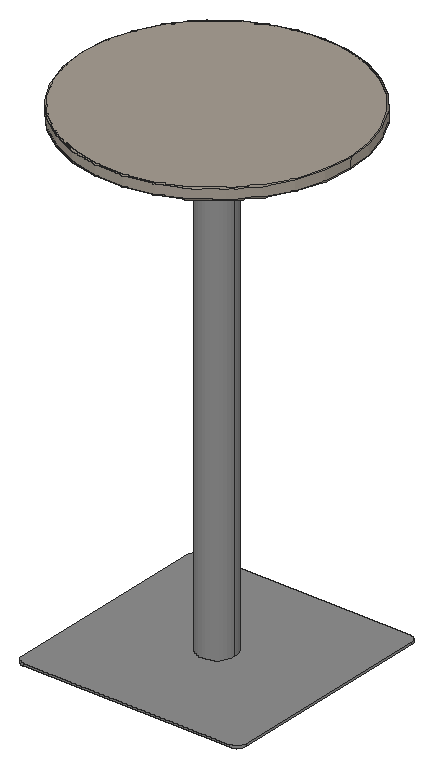
Revit family "BDG_BossDesign_Tbls_Reef_Poser1", category Furniture, Revit 2016
Family settings
  OmniClass Number = 23.40.20.00
  OmniClass Title = General Furniture and Specialties
  Work Plane-Based = No
  Always vertical = Yes
  Cut with Voids When Loaded = No
  Shared = Yes
  Room Calculation Point = No
Parameters (values of type "600mm dia MFC top, 500mm x 500mm base, poseur")
  WorksurfaceArea = 0.00 m²
  WarrantyStartDate [instance] = "1900-12-31T23:59:59"
  WarrantyGuarantorParts = "sales@bossdesign.com"
  WarrantyGuarantorLabor = "sales@bossdesign.com"
  WarrantyDurationUnit = "year"
  WarrantyDurationParts = "5"
  WarrantyDurationLabor = "5"
  WarrantyDescription = "Structural Warranty Excludes Foams and Fabrics"
  Version = "1"
  Uniclass2015Version = "Products v1.10"
  Uniclass2015Title = "Desks, tables and worktops"
  Uniclass2015Code = "Pr_40_50_21"
  Uniclass2 = "n/a"
  UndersideSupportOffset = 0 mm
  URL = "www.bossdesign.com"
  TopMaterial [instance] = BDG_Generic_Wood_Beech
  TagNumber [instance] = "n/a"
  SustainabilityPerformance = "n/a"
  Style = "n/a"
  SquareTop = no
  SquareBase = yes
  Size = "600 ø x 1100mm"
  Shape = "Circular"
  SerialNumber [instance] = "n/a"
  RightBaseOffsetforRectangleTop = 200 mm
  Revision = "n/a"
  ReplacementCost = "n/a"
  ProductInformation = "www.bossdesign.com/product-list/reef"
  NumberOfChairs = 0
  NominalWidth = 600 mm
  NominalLengthBaseSquare = 500 mm
  NominalLengthBaseCircle = 500 mm
  NominalLength = 600 mm
  NominalHeight = 1100 mm
  Name = "Tables_Reef_Poseur_BossDesign"
  NBSTypeID = "n/a"
  NBSReference = "45-35-86/327"
  NBSOfficeMasterTag = "n/a"
  NBSDescription = "Tables"
  ModelReference = "600mm dia MFC top, grey, black or white 500mm x 500mm base, poseur"
  ModelNumber = "RF600CS P"
  Model = ModelNumber  # "RF600CS P"
  Material = "n/a"
  ManufacturerURL = "www.bossdesign.com"
  ManufacturerName = "Boss Design"
  Manufacturer = "sales@bossdesign.com"
  MainColor = Color  # "n/a"
  LeftBaseOffsetforRectangleTop = 200 mm
  Keynote = Uniclass2015Code  # "Pr_40_50_21"
  Is2ndBase = no
  InstallationDate [instance] = "1900-12-31T23:59:59"
  IfcExportType = "TABLE"
  IfcExportAs = "IfcFurnishingElementType"
  Grade = "n/a"
  Gap = 100 mm
  FrameMaterial [instance] = BDG_Generic_PaintFinish_Grey
  Finish = "n/a"
  Features = "n/a"
  ExpectedLife = "5"
  DurationUnit = "year"
  LengthBetweenFeet = 400 mm
  Description = ModelReference  # "600mm dia MFC top, grey, black or white 500mm x 500mm base, poseur"
  Constituents = "n/a"
  Color = "n/a"
  CodePerformance = "n/a"
  CircularTop = yes
  CircularBase = no
  Category = "Pr_40_50_21 : Desks, tables and worktops"
  BarCode [instance] = "n/a"
  BIMObjectName = "BDG_BossDesign_Tables_Reef_Poseur"
  Author = "BIMBox"  # constant formula
  AssetType = "Movable"
  AssetIdentifier [instance] = "n/a"
  Assembly Code = "E2020200"
  AccessibilityPerformance = "n/a"
Types (14, lengths in mm): name | SquareTop | SquareBase | Size | Shape | RightBaseOffsetforRectangleTop | NominalWidth | NominalLengthBaseSquare | NominalLengthBaseCircle | NominalLength | ModelReference | ModelNumber | Model | LeftBaseOffsetforRectangleTop | Is2ndBase | Gap | LengthBetweenFeet | Description | CircularTop | CircularBase | BIMObjectName
  600mm x 600mm MFC top, 500mm x 500mm base, poseur | yes | yes | "600 x 600 x 1100mm" | "Square" | 200 | 600 | 500 | 500 | 600 | "600mm x 600mm MFC top, grey, black or white 500mm x 500mm base, poseur" | "RF600SS P" | "RF600SS P" | 200 | no | 100 | 400 | "600mm x 600mm MFC top, grey, black or white 500mm x 500mm base, poseur" | no | no | "BDG_BossDesign_Tables_Reef_Poseur"
  600mm dia MFC top, 600mm dia base, poseur | no | no | "600 ø x 1100mm" | "Circular" | 250 | 600 | 600 | 600 | 600 | "600mm dia MFC top, grey, black or white 600mm dia base, poseur" | "RF600CC P" | "RF600CC P" | 250 | no | 100 | 500 | "600mm dia MFC top, grey, black or white 600mm dia base, poseur" | yes | yes | "BDG_BossDesign_Tables_Reef_Poseur"
  1200mm x 800mm MFC top, 500mm x 500mm base, poseur | yes | yes | "1200 x 800 x 1100mm" | "Rectangular" | 500 | 800 | 500 | 500 | 1200 | "1200mm x 800mm MFC top, grey, black or white 500mm x 500mm base, poseur" | "RF1280 CSR P" | "RF1280 CSR P" | 500 | yes | 100 | 400.022 | "1200mm x 800mm MFC top, grey, black or white 500mm x 500mm base, poseur" | no | no | "BDG_BossDesign_Tables_Reef_Poseur"
  1200mm x 600mm MFC top, 500mm x 500mm base, poseur | yes | yes | "1200 x 600 x 1100mm" | "Rectangular" | 500 | 600 | 500 | 500 | 1200 | "1200mm x 600mm MFC top, grey, black or white 500mm x 500mm base, poseur" | "RF1200 CSR P" | "RF1200 CSR P" | 500 | yes | 100 | 400 | "1200mm x 600mm MFC top, grey, black or white 500mm x 500mm base, poseur" | no | no | "BDG_BossDesign_Tables_Reef_Poseur"
  1400mm x 700mm MFC top, 500mm x 500mm base, poseur | yes | yes | "1400 x 700 x 1100mm" | "Rectangular" | 500 | 700 | 500 | 500 | 1400 | "1400mm x 700mm MFC top, grey, black or white 500mm x 500mm base, poseur" | "RF1470 CSR P" | "RF1470 CSR P" | 500 | yes | 250 | 400.022 | "1400mm x 700mm MFC top, grey, black or white 500mm x 500mm base, poseur" | no | no | "BDG_BossDesign_Tables_Reef_Poseur\r\n\r\nBDG_BossDesign_Tables_Reef_Poseur"
  1400mm x 700mm MFC top, 600mm dia base, poseur | yes | no | "1400 x 700 x 1100mm" | "Rectangular" | 600 | 700 | 600 | 600 | 1400 | "1400mm x 700mm MFC top, grey, black or white 600mm dia base, poseur" | "RF1470 CCR P" | "RF1470 CCR P" | 600 | yes | 150 | 500 | "1400mm x 700mm MFC top, grey, black or white 600mm dia base, poseur" | no | yes | "BDG_BossDesign_Tables_Reef_Poseur"
  1600mm x 800mm MFC top, 500mm x 500mm base, poseur | yes | yes | "1600 x 800 x 1100mm" | "Rectangular" | 500 | 800 | 500 | 500 | 1600 | "1600mm x 800mm MFC top, grey, black or white 500mm x 500mm base, poseur" | "RF1680 CSR P" | "RF1680 CSR P" | 500 | yes | 300 | 400.022 | "1600mm x 800mm MFC top, grey, black or white 500mm x 500mm base, poseur" | no | no | "BDG_BossDesign_Tables_Reef_Poseur"
  1600mm x 800mm MFC top, 600mm dia base, poseur | yes | no | "1600 x 800 x 1100mm" | "Rectangular" | 600 | 800 | 600 | 600 | 1600 | "1600mm x 800mm MFC top, grey, black or white 600mm dia base, poseur" | "RF1680 CCR P" | "RF1680 CCR P" | 600 | yes | 200 | 500 | "1600mm x 800mm MFC top, grey, black or white 600mm dia base, poseur" | no | yes | "BDG_BossDesign_Tables_Reef_Poseur"
  600mm x 600mm MFC top, 600mm dia base, poseur | yes | no | "600 x 600 x 1100mm" | "Square" | 250 | 600 | 600 | 600 | 600 | "600mm x 600mm MFC top, grey, black or white 600mm dia base, poseur" | "RF600SC P" | "RF600SC P" | 250 | no | 100 | 500 | "600mm x 600mm MFC top, grey, black or white 600mm dia base, poseur" | no | yes | "BDG_BossDesign_Tables_Reef_Poseur"
  600mm dia MFC top, 500mm x 500mm base, poseur | no | yes | "600 ø x 1100mm" | "Circular" | 200 | 600 | 500 | 500 | 600 | "600mm dia MFC top, grey, black or white 500mm x 500mm base, poseur" | "RF600CS P" | "RF600CS P" | 200 | no | 100 | 400 | "600mm dia MFC top, grey, black or white 500mm x 500mm base, poseur" | yes | no | "BDG_BossDesign_Tables_Reef_Poseur"
  800mm x 800mm MFC top, 600mm dia base, poseur | yes | no | "800 x 800 x 1100mm" | "Square" | 250 | 800 | 600 | 600 | 800 | "800mm x 800mm MFC top, grey, black or white 600mm dia base, poseur" | "RF800SC P" | "RF800SC P" | 250 | no | 100 | 500 | "800mm x 800mm MFC top, grey, black or white 600mm dia base, poseur" | no | yes | "BDG_BossDesign_Tables_Reef_Poseur"
  800mm dia MFC top, 600mm dia base, poseur | no | no | "800 ø x 1100mm" | "Circular" | 250 | 800 | 600 | 600 | 800 | "800mm dia MFC top, grey, black or white 600mm dia base, poseur" | "RF800CC P" | "RF800CC P" | 250 | no | 100 | 500 | "800mm dia MFC top, grey, black or white 600mm dia base, poseur" | yes | yes | "BDG_BossDesign_Tables_Reef_Poseur"
  800mm x 800mm MFC top, 500mm x 500mm base, poseur | yes | yes | "800 x 800 x 1100mm" | "Square" | 200 | 800 | 500 | 500 | 800 | "800mm x 800mm MFC top, grey, black or white 500mm x 500mm base, poseur" | "RF800SS P" | "RF800SS P" | 200 | no | 100 | 400 | "800mm x 800mm MFC top, grey, black or white 500mm x 500mm base, poseur" | no | no | "BDG_BossDesign_Tables_Reef_Poseur"
  800mm dia MFC top, 500mm x 500mm base, poseur | no | yes | "800 ø x 1100mm" | "Circular" | 200 | 800 | 500 | 500 | 800 | "800mm dia MFC top, grey, black or white 500mm x 500mm base, poseur" | "RF800CS P" | "RF800CS P" | 200 | no | 100 | 400 | "800mm dia MFC top, grey, black or white 500mm x 500mm base, poseur" | yes | no | "BDG_BossDesign_Tables_Reef_Poseur"
Reference planes
  plane 1 "Center (Front/Back)": y = 0
  plane 2: z = 0
  plane 3 "Center (Left/Right)": x = 0
  plane 4 "Underside": z = 1075
  plane 5: z = 1100
  plane 6: z = 1098
  plane 7: z = 1077
  plane 8: x = -300
  plane 9: x = 300
  plane 10: y = 300
  plane 11: y = -300
  plane 12: z = 10
  plane 13: z = 5
  plane 14: z = 1070
  plane 15 "InnerLeft": x = -250
  plane 16 "InnerRight": x = 250
  plane 17: x = 250
  plane 18: x = -250
  plane 19: x = 0
  plane 20: x = 150
  plane 21: y = 150
  plane 22: y = -150
  plane 23: x = -50
  plane 24: x = 50
  plane 25: x = 0
  plane 26: x = -150
  plane 27: x = 0
  plane 28: x = -150
  plane 29: x = 150
  plane 30: x = 0
  plane 31: y = 0
  plane 32: x = 0
  plane 33: y = 0
  plane 34: x = 0
  plane 35: y = 250
  plane 36: y = -250
  plane 37: y = 250
  plane 38: y = -250
Forms (mm)
  Extrusion 1, solid, material "BDG_Generic_Wood_Beech" <- "TopMaterial", visible <- "CircularTop"
    sketch origin (0, 0, 0) x (1, 0, 0) y (0, 1, 0)
      loop
        circle (0, 0) r 300
    from 1075 to 1100
  Extrusion 2, solid, material "BDG_Generic_PaintFinish_Grey" <- "FrameMaterial", visible <- "CircularBase"
    sketch origin (0, 0, 0) x (1, 0, 0) y (0, 1, 0)
      loop
        circle (0, 0) r 250
    from 5 to 10
  Extrusion 3, solid, material "BDG_Generic_PaintFinish_Grey" <- "FrameMaterial", visible <- "Is2ndBase"
    sketch origin (-601.332, -3.431, 0) x (1, 0, 0) y (0, 1, 0)
      loop
        circle (601.332, 3.431) r 40
    from 10 to 1070
  Extrusion 4, solid, material "BDG_Generic_PaintFinish_Grey" <- "FrameMaterial", visible <- "SquareBase"
    sketch origin (0, 0, 0) x (1, 0, 0) y (0, 1, 0)
      loop
        arc (-230, 250) -> (-244.142, 244.142) -> (-250, 230) r 20
        line (-250, 230) -> (-250, -230)
        arc (-250, -230) -> (-244.142, -244.142) -> (-230, -250) r 20
        line (-230, -250) -> (230, -250)
        arc (230, -250) -> (244.142, -244.142) -> (250, -230) r 20
        line (250, -230) -> (250, 230)
        arc (250, 230) -> (244.142, 244.142) -> (230, 250) r 20
        line (230, 250) -> (-230, 250)
    from 5 to 10
  Extrusion 5, solid, material "BDG_Generic_PaintFinish_Grey" <- "FrameMaterial", visible <- "SquareBase"
    sketch origin (0, 0, 0) x (-1, 0, 0) y (0, -1, 0)
      loop
        line (-230, -250) -> (230, -250)
        arc (230, -250) -> (244.142, -244.142) -> (250, -230) r 20
        line (250, -230) -> (250, 230)
        arc (250, 230) -> (244.142, 244.142) -> (230, 250) r 20
        line (230, 250) -> (-230, 250)
        arc (-230, 250) -> (-244.142, 244.142) -> (-250, 230) r 20
        line (-250, 230) -> (-250, -230)
        arc (-250, -230) -> (-244.142, -244.142) -> (-230, -250) r 20
    from 5 to 10
  Extrusion 6, solid, material "BDG_Generic_PaintFinish_Grey" <- "FrameMaterial", visible <- "CircularBase"
    sketch origin (0, 0, 0) x (-1, 0, 0) y (0, -1, 0)
      loop
        circle (0, 0) r 250
    from 5 to 10
  Extrusion 7, solid, material "BDG_Generic_Nylon_Black", visible <- "SquareBase"
    sketch origin (0, 0, 0) x (1, 0, 0) y (0, 1, 0)
      loop
        circle (-200.011, 199.976) r 15
      loop
        circle (-200.011, -199.976) r 15
      loop
        circle (199.989, 199.976) r 15
      loop
        circle (199.989, -199.976) r 15
    from 0 to 5
  Extrusion 8, solid, material "BDG_Generic_Nylon_Black", visible <- "SquareBase"
    sketch origin (0, 0, 0) x (-1, 0, 0) y (0, -1, 0)
      loop
        circle (-200.011, -199.976) r 15
      loop
        circle (-200.011, 199.976) r 15
      loop
        circle (199.989, -199.976) r 15
      loop
        circle (199.989, 199.976) r 15
    from 0 to 5
  Extrusion 9, solid, material "BDG_Generic_Nylon_Black", visible <- "CircularBase"
    sketch origin (-285, 0, 0) x (1, 0, 0) y (0, 1, 0)
      loop
        circle (256.65, 203.03) r 15
      loop
        circle (427.274, -147.591) r 15
      loop
        circle (188.597, -180.918) r 15
      loop
        circle (83.146, 35.778) r 15
      loop
        circle (469.333, 89.702) r 15
    from 0 to 5
  Extrusion 10, solid, material "BDG_Generic_Nylon_Black", visible <- "CircularBase"
    sketch origin (315, 0, 0) x (1, 0, 0) y (0, 1, 0)
      loop
        circle (-343.35, 203.03) r 15
      loop
        circle (-172.726, -147.591) r 15
      loop
        circle (-411.403, -180.918) r 15
      loop
        circle (-516.854, 35.778) r 15
      loop
        circle (-130.667, 89.702) r 15
    from 0 to 5
  Extrusion 11, solid, material "BDG_Generic_PaintFinish_Grey" <- "FrameMaterial"
    sketch origin (0, 0, 0) x (1, 0, 0) y (0, 1, 0)
      loop
        arc (-130, 150) -> (-144.142, 144.142) -> (-150, 130) r 20
        line (-150, 130) -> (-150, -130)
        arc (-150, -130) -> (-144.142, -144.142) -> (-130, -150) r 20
        line (-130, -150) -> (130, -150)
        arc (130, -150) -> (144.142, -144.142) -> (150, -130) r 20
        line (150, -130) -> (150, 130)
        arc (150, 130) -> (144.142, 144.142) -> (130, 150) r 20
        line (130, 150) -> (-130, 150)
    from 1070 to 1075
  Extrusion 12, solid, material "BDG_Generic_PaintFinish_Grey" <- "FrameMaterial"
    sketch origin (0, 0, 0) x (-1, 0, 0) y (0, -1, 0)
      loop
        arc (130, -150) -> (144.142, -144.142) -> (150, -130) r 20
        line (150, -130) -> (150, 130)
        arc (150, 130) -> (144.142, 144.142) -> (130, 150) r 20
        line (130, 150) -> (-130, 150)
        arc (-130, 150) -> (-144.142, 144.142) -> (-150, 130) r 20
        line (-150, 130) -> (-150, -130)
        arc (-150, -130) -> (-144.142, -144.142) -> (-130, -150) r 20
        line (-130, -150) -> (130, -150)
    from 1070 to 1075
  Extrusion 13, solid, material "BDG_Generic_Wood_Beech" <- "TopMaterial", visible <- "SquareTop"
    sketch origin (0, 0, 0) x (1, 0, 0) y (0, 1, 0)
      loop
        arc (-280, 300) -> (-294.142, 294.142) -> (-300, 280) r 20
        line (-300, 280) -> (-300, -280)
        arc (-300, -280) -> (-294.142, -294.142) -> (-280, -300) r 20
        line (-280, -300) -> (280, -300)
        arc (280, -300) -> (294.142, -294.142) -> (300, -280) r 20
        line (300, -280) -> (300, 280)
        arc (300, 280) -> (294.142, 294.142) -> (280, 300) r 20
        line (280, 300) -> (-280, 300)
    from 1075 to 1100
  Sweep 14, void
    path in 3D
      loop
        arc (-300, 0, 1100) -> (0, 300, 1100) -> (300, 0, 1100) r 300
        arc (300, 0, 1100) -> (0, -300, 1100) -> (-300, 0, 1100) r 300
    profile origin (0, -300, 1100) x (0, -1, 0) y (0, 0, 1)
      loop
        line (0, 0) -> (-2, 0)
        arc (-2, 0) -> (-0.586, -0.586) -> (0, -2) r 2
        line (0, -2) -> (0, 0)
  Sweep 15, void
    path in 3D
      loop
        arc (300, 0, 1075) -> (0, 300, 1075) -> (-300, 0, 1075) r 300
        arc (-300, 0, 1075) -> (0, -300, 1075) -> (300, 0, 1075) r 300
    profile origin (0, -300, 1075) x (0, -1, 0) y (0, 0, -1)
      loop
        line (0, 0) -> (-2, 0)
        arc (-2, 0) -> (-0.586, -0.586) -> (0, -2) r 2
        line (0, -2) -> (0, 0)
  Sweep 16, void
    path in 3D
      loop
        arc (280, -300, 1100) -> (294.142, -294.142, 1100) -> (300, -280, 1100) r 20
        line (300, -280, 1100) -> (300, 280, 1100)
        arc (300, 280, 1100) -> (294.142, 294.142, 1100) -> (280, 300, 1100) r 20
        line (280, 300, 1100) -> (-280, 300, 1100)
        arc (-280, 300, 1100) -> (-294.142, 294.142, 1100) -> (-300, 280, 1100) r 20
        line (-300, 280, 1100) -> (-300, -280, 1100)
        arc (-300, -280, 1100) -> (-294.142, -294.142, 1100) -> (-280, -300, 1100) r 20
        line (-280, -300, 1100) -> (280, -300, 1100)
    profile origin (0, -300, 1100) x (0, 1, 0) y (0, 0, 1)
      loop
        line (0, 0) -> (0, -2)
        arc (0, -2) -> (0.586, -0.586) -> (2, 0) r 2
        line (2, 0) -> (0, 0)
  Sweep 17, void
    path in 3D
      loop
        arc (-280, -300, 1075) -> (-294.142, -294.142, 1075) -> (-300, -280, 1075) r 20
        line (-300, -280, 1075) -> (-300, 280, 1075)
        arc (-300, 280, 1075) -> (-294.142, 294.142, 1075) -> (-280, 300, 1075) r 20
        line (-280, 300, 1075) -> (280, 300, 1075)
        arc (280, 300, 1075) -> (294.142, 294.142, 1075) -> (300, 280, 1075) r 20
        line (300, 280, 1075) -> (300, -280, 1075)
        arc (300, -280, 1075) -> (294.142, -294.142, 1075) -> (280, -300, 1075) r 20
        line (280, -300, 1075) -> (-280, -300, 1075)
    profile origin (0, -300, 1075) x (0, 1, 0) y (0, 0, -1)
      loop
        line (0, 0) -> (0, -2)
        arc (0, -2) -> (0.586, -0.586) -> (2, 0) r 2
        line (2, 0) -> (0, 0)
  Extrusion 18, solid, material "BDG_Generic_PaintFinish_Grey" <- "FrameMaterial"
    sketch origin (601.332, -3.431, 0) x (-1, 0, 0) y (0, -1, 0)
      loop
        circle (601.332, -3.431) r 40
    from 10 to 1070
Cuts and joins
  Sweep 14, Sweep 15 cuts Extrusion 1
  Sweep 16, Sweep 17 cuts Extrusion 13
Lines and regions (mm)
  sketch lines
    curve 1: arc (300, 0, 1100) -> (0, -300, 1100) -> (-300, 0, 1100) r 300
    curve 2: arc (-300, 0, 1100) -> (0, 300, 1100) -> (300, 0, 1100) r 300
    curve 3: arc (-300, 0, 1075) -> (0, -300, 1075) -> (300, 0, 1075) r 300
    curve 4: arc (300, 0, 1075) -> (0, 300, 1075) -> (-300, 0, 1075) r 300
    curve 5: line (-280, -300, 1100) -> (280, -300, 1100)
    curve 6: arc (-280, -300, 1100) -> (-294.142, -294.142, 1100) -> (-300, -280, 1100) r 20
    curve 7: line (-300, 280, 1100) -> (-300, -280, 1100)
    curve 8: arc (-300, 280, 1100) -> (-294.142, 294.142, 1100) -> (-280, 300, 1100) r 20
    curve 9: line (280, 300, 1100) -> (-280, 300, 1100)
    curve 10: arc (280, 300, 1100) -> (294.142, 294.142, 1100) -> (300, 280, 1100) r 20
    curve 11: line (300, -280, 1100) -> (300, 280, 1100)
    curve 12: arc (300, -280, 1100) -> (294.142, -294.142, 1100) -> (280, -300, 1100) r 20
    curve 13: line (280, -300, 1075) -> (-280, -300, 1075)
    curve 14: arc (280, -300, 1075) -> (294.142, -294.142, 1075) -> (300, -280, 1075) r 20
    curve 15: line (300, 280, 1075) -> (300, -280, 1075)
    curve 16: arc (300, 280, 1075) -> (294.142, 294.142, 1075) -> (280, 300, 1075) r 20
    curve 17: line (-280, 300, 1075) -> (280, 300, 1075)
    curve 18: arc (-280, 300, 1075) -> (-294.142, 294.142, 1075) -> (-300, 280, 1075) r 20
    curve 19: line (-300, -280, 1075) -> (-300, 280, 1075)
    curve 20: arc (-300, -280, 1075) -> (-294.142, -294.142, 1075) -> (-280, -300, 1075) r 20
Dimensions and locks
  "NominalHeight": plane 5 to plane 2
  plane 5 to plane 6 to plane 7 to plane 4 "Underside" to plane 14 = 2 mm locked, 21 mm locked, 2 mm locked, 5 mm locked
  "NominalLength": plane 8 to plane 9
  equal spacing: plane 8, plane 3 "Center (Left/Right)", plane 9
  equal spacing: plane 10, plane 1 "Center (Front/Back)", plane 11
  locked: Extrusion 1 sketch curve to plane 1 "Center (Front/Back)" at 0
  locked: Extrusion 1 sketch curve to plane 3 "Center (Left/Right)" at 0
  plane 2 to plane 13 to plane 12 = 5 mm locked, 5 mm locked
  "NominalWidth": plane 10 to plane 11
  locked: plane 15 "InnerLeft" to Extrusion 4 sketch curve at 20  (x2)
  locked: Extrusion 4 sketch curve to plane 17 at 20  (x2)
  "NominalLengthBaseSquare": plane 15 "InnerLeft" to plane 17
  "NominalLengthBaseSquare": plane 18 to plane 16 "InnerRight"
  locked: plane 18 to Extrusion 5 sketch curve at 20  (x2)
  locked: Extrusion 5 sketch curve to plane 16 "InnerRight" at 20  (x2)
  "LeftBaseOffsetforRectangleTop": plane 15 "InnerLeft" to plane 23
  "RightBaseOffsetforRectangleTop": plane 24 to plane 16 "InnerRight"
  "Gap": plane 23 to plane 24
  equal spacing: plane 23, plane 3 "Center (Left/Right)", plane 24
  equal spacing: plane 15 "InnerLeft", plane 19, plane 17
  equal spacing: plane 18, plane 25, plane 16 "InnerRight"
  locked: plane 26 to plane 20 at 300
  locked: plane 21 to plane 22 at 300
  equal spacing: plane 26, plane 27, plane 20
  "UndersideSupportOffset": plane 27 to plane 19
  locked: Extrusion 6 sketch curve to plane 25 at 0
  locked: Extrusion 6 sketch curve to plane 1 "Center (Front/Back)" at 0
  equal spacing: plane 28, plane 30, plane 29
  locked: plane 28 to plane 29 at 300
  "UndersideSupportOffset": plane 25 to plane 30
  locked: plane 15 "InnerLeft" to Extrusion 7 sketch curve at 49.989  (x2)
  "LengthBetweenFeet": Extrusion 7 sketch curve to Extrusion 7 sketch curve  (x2)
  "LengthBetweenFeet": Extrusion 8 sketch curve to Extrusion 8 sketch curve  (x2)
  locked: Extrusion 8 sketch curve to plane 16 "InnerRight" at 49.989  (x2)
  locked: Extrusion 9 sketch curve to plane 32 at 28.35
  locked: Extrusion 9 sketch curve to plane 31 at 203.03
  locked: Extrusion 9 sketch curve to plane 32 at 201.854
  locked: Extrusion 9 sketch curve to plane 31 at 35.778
  locked: Extrusion 9 sketch curve to plane 32 at 96.403
  locked: plane 31 to Extrusion 9 sketch curve at 180.918
  locked: plane 31 to Extrusion 9 sketch curve at 147.591
  locked: plane 32 to Extrusion 9 sketch curve at 142.274
  locked: Extrusion 9 sketch curve to plane 31 at 89.702
  locked: plane 32 to Extrusion 9 sketch curve at 184.333
  locked: Extrusion 10 sketch curve to plane 34 at 28.35
  locked: Extrusion 10 sketch curve to plane 33 at 203.03
  locked: Extrusion 10 sketch curve to plane 34 at 201.854
  locked: Extrusion 10 sketch curve to plane 33 at 35.778
  locked: Extrusion 10 sketch curve to plane 34 at 96.403
  locked: plane 33 to Extrusion 10 sketch curve at 180.918
  locked: plane 33 to Extrusion 10 sketch curve at 147.591
  locked: plane 34 to Extrusion 10 sketch curve at 142.274
  locked: Extrusion 10 sketch curve to plane 33 at 89.702
  locked: plane 34 to Extrusion 10 sketch curve at 184.333
  locked: plane 26 to Extrusion 11 sketch curve at 20  (x2)
  locked: plane 22 to Extrusion 11 sketch curve at 20  (x2)
  locked: plane 21 to Extrusion 11 sketch curve at 20  (x2)
  locked: Extrusion 11 sketch curve to plane 20 at 20  (x2)
  locked: plane 28 to Extrusion 12 sketch curve at 20  (x2)
  locked: plane 21 to Extrusion 12 sketch curve at 20  (x2)
  locked: Extrusion 12 sketch curve to plane 29 at 20  (x2)
  locked: plane 22 to Extrusion 12 sketch curve at 20  (x2)
  locked: plane 8 to Extrusion 13 sketch curve at 20  (x2)
  locked: plane 10 to Extrusion 13 sketch curve at 20  (x2)
  locked: plane 11 to Extrusion 13 sketch curve at 20  (x2)
  locked: Extrusion 13 sketch curve to plane 9 at 20  (x2)
  equal spacing: plane 35, plane 1 "Center (Front/Back)", plane 36
  "NominalLengthBaseSquare": plane 35 to plane 36
  "NominalLengthBaseSquare": plane 38 to plane 37
  equal spacing: plane 38, plane 1 "Center (Front/Back)", plane 37
  "NominalLength": diameter of Extrusion 1 sketch curve
  "NominalLengthBaseCircle": diameter of Extrusion 6 sketch curve
  "NominalLengthBaseCircle": diameter of Extrusion 2 sketch curve
  aligned and locked: level to plane 2
  aligned and locked: Extrusion 2 to plane 12
  aligned and locked: plane 14 to Extrusion 3
  aligned and locked: plane 12 to Extrusion 3
  aligned and locked: plane 13 to Extrusion 2
  aligned and locked: Extrusion 4 to plane 15 "InnerLeft"
  aligned and locked: Extrusion 4 sketch curve to plane 17
  aligned and locked: plane 15 "InnerLeft" to Extrusion 4 sketch curve
  aligned and locked: plane 18 to Extrusion 5 sketch curve
  aligned and locked: Extrusion 5 sketch curve to plane 16 "InnerRight"
  aligned and locked: plane 1 "Center (Front/Back)" to Extrusion 3 sketch curve
  aligned and locked: plane 1 "Center (Front/Back)" to Extrusion 2 sketch curve
  aligned and locked: plane 27 to Extrusion 2 sketch curve
  aligned and locked: Extrusion 8 to plane 2
  aligned and locked: Extrusion 8 to plane 13
  aligned and locked: Extrusion 7 to plane 2
  aligned and locked: Extrusion 7 to plane 13
  aligned and locked: Extrusion 9 to plane 2
  aligned and locked: Extrusion 9 to plane 13
  aligned and locked: plane 32 to plane 27
  aligned and locked: plane 31 to plane 1 "Center (Front/Back)"
  aligned and locked: plane 34 to plane 30
  aligned and locked: plane 33 to plane 1 "Center (Front/Back)"
  aligned and locked: plane 4 "Underside" to Extrusion 12
  aligned and locked: plane 4 "Underside" to Extrusion 11
  aligned and locked: Extrusion 11 to plane 14
  aligned and locked: Extrusion 12 to plane 14
  aligned and locked: Extrusion 11 sketch curve to plane 21
  aligned and locked: plane 26 to Extrusion 11 sketch curve
  aligned and locked: Extrusion 11 sketch curve to plane 22
  aligned and locked: plane 20 to Extrusion 11 sketch curve
  aligned and locked: Extrusion 12 sketch curve to plane 21
  aligned and locked: plane 28 to Extrusion 12 sketch curve
  aligned and locked: Extrusion 12 sketch curve to plane 22
  aligned and locked: Extrusion 12 sketch curve to plane 29
  aligned and locked: Extrusion 13 sketch curve to plane 10
  aligned and locked: plane 8 to Extrusion 13 sketch curve
  aligned and locked: plane 9 to Extrusion 13 sketch curve
  aligned and locked: plane 5 to Extrusion 13
  aligned and locked: Extrusion 13 to plane 4 "Underside"
  aligned and locked: plane 5 to Extrusion 1
  aligned and locked: Extrusion 1 to plane 4 "Underside"
  aligned and locked: plane 27 to Extrusion 3 sketch curve
  aligned and locked: plane 30 to Extrusion 18 sketch curve
  aligned and locked: plane 1 "Center (Front/Back)" to Extrusion 18 sketch curve
  aligned and locked: Extrusion 13 sketch curve to plane 11
  aligned and locked: plane 14 to Extrusion 18
  aligned and locked: plane 35 to Extrusion 5 sketch curve
  aligned and locked: plane 36 to Extrusion 5 sketch curve
  aligned and locked: plane 37 to Extrusion 4 sketch curve
  aligned and locked: Extrusion 4 sketch curve to plane 38
Automatic sketch dimensions
  Sweep 14 sketch curve to profile plane = 0 mm  (x2)
  Sweep 14 sketch curve to Sweep 14 sketch curve = 2 mm
  profile plane to Sweep 15 sketch curve = 0 mm
  Sweep 15 sketch curve to profile plane = 0 mm
  Sweep 15 sketch curve to Sweep 15 sketch curve = 2 mm
  Sweep 16 sketch curve to profile plane = 0 mm  (x2)
  Sweep 16 sketch curve to Sweep 16 sketch curve = 2 mm
  Sweep 17 sketch curve to profile plane = 0 mm
  profile plane to Sweep 17 sketch curve = 0 mm
  Sweep 17 sketch curve to Sweep 17 sketch curve = 2 mm
  plane 22 to Extrusion 7 sketch curve = 49.976 mm  (x2)
  plane 21 to Extrusion 7 sketch curve = 49.976 mm  (x2)
  Extrusion 8 sketch curve to plane 22 = 49.976 mm  (x2)
  Extrusion 8 sketch curve to plane 21 = 49.976 mm  (x2)
  radius of Extrusion 3 sketch curve = 40 mm
  radius of Extrusion 9 sketch curve = 15 mm  (x5)
  radius of Extrusion 10 sketch curve = 15 mm  (x5)
  radius of Extrusion 18 sketch curve = 40 mm
  radius of Extrusion 7 sketch curve = 15 mm  (x4)
  radius of Extrusion 8 sketch curve = 15 mm  (x4)
